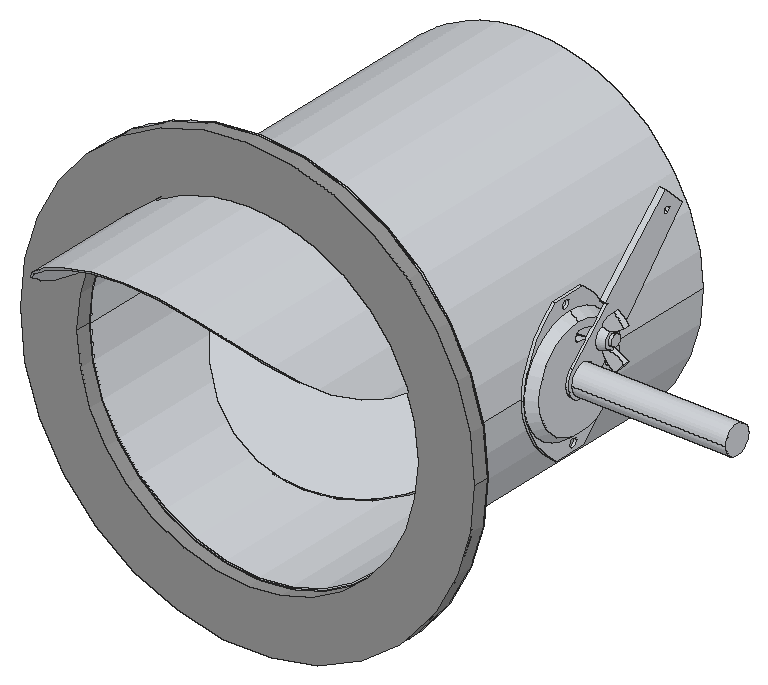
Revit family "ST-4", category Mechanical Equipment, Revit 2015
Parameters
  URL = "https://unitedenertech.com/catalog/pdf/J_7%20Model%20ST-1,%202,%203,%204.pdf"
  Type Comments = "Consult Factory for Max. Sizes"
  OD Radius [instance] = Diameter / 2  # 0' - 3"
  Model = "ST-4"
  Manufacturer = "United Enertech Corporation"
  ID Radius [instance] = OD Radius - 0' 0 1/32"  # 0' - 2 31/32"
  Flange Radius [instance] = OD Radius + 0' 1"  # 0' - 4"
  Description = "Sticktite Take-off with Damper and Scoop"
  Diameter = 0' - 6"
  Blade Radius [instance] = ID Radius - 0' 0 1/8"  # 0' - 2 27/32"
  Length = 0' - 6"
Reference planes (in)
  plane 1 "Center (Front/Back)": y = 0
  plane 2: z = 0
  plane 3 "Center (Left/Right)": x = 0
  plane 4: x = -3
  plane 5: x = 3
  plane 6: x = -4
  plane 7: x = 4
  plane 8: x = -2.97
  plane 9: x = 2.97
  plane 10: x = -3.25
  plane 11: x = 6
  plane 12: y = -3
  plane 13: y = 3
  plane 14: y = -2.97
  plane 15: y = -3.25
  plane 16: y = -6
  plane 17: z = 3
  plane 18: z = -3
  plane 19: z = 1
Forms (in)
  Extrusion 1, solid
    sketch origin (0, -1.27212, 1.25797) x (1, 0, 0) y (0, 0.707107, 0.707107)
      loop
        circle (0, 0) r 2.84375
    from -1.79904 to -1.75904
  Extrusion 2, solid
    sketch origin (0, 0, 0) x (1, 0, 0) y (0, 0, 1)
      loop
        circle (0, 0) r 3
      loop
        circle (0, 0) r 2.96875
    from -3 to 6
  Extrusion 3, solid
    sketch origin (0, 0, 0) x (1, 0, 0) y (0, 0, 1)
      loop
        circle (0, 0) r 4
      loop
        circle (0, 0) r 3
    from 2.97 to 3
  Extrusion 4, solid, material "Rubber, Silicone"
    sketch origin (0, 0, 0) x (1, 0, 0) y (0, 0, 1)
      loop
        circle (0, 0) r 4
      loop
        circle (0, 0) r 3
    from 3 to 3.25
  Extrusion 5, solid
    sketch origin (0, 0, 0) x (0, 1, 0) y (0, 0, 1)
      loop
        circle (0, 0) r 0.25
    from -4 to 6
  Extrusion 6, void
    sketch origin (0, 0, 0) x (0, 1, 0) y (0, 0, 1)
      loop
        line (-6, -3) -> (-3, -3) -> (-3, 1)
        arc (-3, 1) -> (-4.75425, 1.61863) -> (-6, 3) r 3.77451
        line (-6, 3) -> (-6, -3)
    from -4 to 4
Cuts and joins
  Extrusion 6 cuts Extrusion 2
  Extrusion 6 cuts Extrusion 3
Dimensions and locks (in)
  equal spacing: plane 4, plane 3 "Center (Left/Right)", plane 5
  "Diameter": plane 4 to plane 5
  plane 6 to plane 4 = 0' - 1"
  plane 5 to plane 7 = 0' - 1"
  locked: plane 4 to plane 8 at 0.03
  locked: plane 9 to plane 5 at 0.03
  locked: plane 10 to plane 4 at 0.25
  locked: plane 5 to plane 11 at 3
  equal spacing: plane 13, plane 1 "Center (Front/Back)", plane 12
  "Length": plane 13 to plane 12
  locked: plane 14 to plane 12 at 0.03
  locked: plane 12 to plane 15 at 0.25
  locked: plane 12 to plane 16 at 3
  equal spacing: plane 17, level, plane 18
  "Diameter": plane 17 to plane 18
  locked: plane 17 to plane 19 at 2
  "Blade Radius": radius of Extrusion 1 sketch curve
  "ID Radius": radius of Extrusion 2 sketch curve
  "OD Radius": radius of Extrusion 2 sketch curve
  "OD Radius": radius of Extrusion 3 sketch curve
  "Flange Radius": radius of Extrusion 3 sketch curve
  "OD Radius": radius of Extrusion 4 sketch curve
  "Flange Radius": radius of Extrusion 4 sketch curve
  aligned and locked: level to plane 2
  aligned and locked: nested 1 to plane 5
  aligned and locked: Extrusion 2 to plane 13
  aligned and locked: plane 14 to Extrusion 3
  aligned and locked: Extrusion 3 to plane 12
  aligned and locked: plane 12 to Extrusion 4
  aligned and locked: Extrusion 4 to plane 15
  aligned and locked: Extrusion 5 to plane 6
  aligned and locked: Extrusion 5 to plane 11
  aligned and locked: Extrusion 2 to plane 16
  aligned and locked: Extrusion 6 sketch curve to plane 12
  aligned and locked: plane 18 to Extrusion 6 sketch curve
  aligned and locked: Extrusion 6 sketch curve to plane 16
  aligned and locked: plane 19 to Extrusion 6 sketch curve
  aligned and locked: plane 17 to Extrusion 6 sketch curve
  aligned and locked: Extrusion 6 to plane 6
  aligned and locked: plane 7 to Extrusion 6
Automatic sketch dimensions
  Extrusion 5 sketch curve to level = 0' - 0"
  Extrusion 5 sketch curve to plane 1 "Center (Front/Back)" = 0' - 0"
  plane 14 to Extrusion 6 sketch curve = 0' - 0.30947"
  Extrusion 1 sketch curve to plane 3 "Center (Left/Right)" = 0' - 0"
  Extrusion 2 sketch curve to Extrusion 2 sketch curve = 0' - 0"  (x2)
  Extrusion 2 sketch curve to level = 0' - 0"
  Extrusion 2 sketch curve to plane 3 "Center (Left/Right)" = 0' - 0"
  Extrusion 3 sketch curve to Extrusion 3 sketch curve = 0' - 0"  (x2)
  Extrusion 3 sketch curve to level = 0' - 0"
  Extrusion 3 sketch curve to plane 3 "Center (Left/Right)" = 0' - 0"
  Extrusion 4 sketch curve to Extrusion 4 sketch curve = 0' - 0"  (x2)
  Extrusion 4 sketch curve to level = 0' - 0"
  Extrusion 4 sketch curve to plane 3 "Center (Left/Right)" = 0' - 0"
  radius of Extrusion 5 sketch curve = 0' - 0 1/4"
Nested families (in)
  nested 1: "Quad" at (4.25656, -7.64571, -5.45183) x (0, 1, 0) z (0, 0, 1), type "Quad"
Definition of nested family "Quad"
  Reference planes (in)
    plane 1 "Center (Front/Back)": y = 0
    plane 2: z = 0
    plane 3 "Center (Left/Right)": x = 0
    plane 4: y = 1.34656
  Forms (in)
    Extrusion 1, solid
      sketch origin (14.15142, 0, -2.31695) x (0, 0, 1) y (-1, 0, 0)
        loop
          arc (6.51879, 6.20544) -> (7.06849, 5.72098) -> (7.76879, 5.50544) r 1.74192
          arc (7.76879, 5.50544) -> (8.46908, 5.72098) -> (9.01879, 6.20544) r 1.74192
          line (9.01879, 6.20544) -> (9.01879, 6.80544)
          arc (9.01879, 6.80544) -> (8.46908, 7.28989) -> (7.76879, 7.50544) r 1.74192
          arc (7.76879, 7.50544) -> (7.06849, 7.28989) -> (6.51879, 6.80544) r 1.74192
          line (6.51879, 6.80544) -> (6.51879, 6.20544)
      from -1.25656 to -1.20656
    Extrusion 2, void
      sketch origin (14.15142, 0, -2.31695) x (0, 0, 1) y (-1, 0, 0)
        loop
          circle (6.64379, 6.42544) r 0.08
      from -0.9659 to -1.25656
    Extrusion 3, void
      sketch origin (1.14055, 0, 13.22062) x (0, 0, -1) y (1, 0, 0)
        loop
          circle (6.64379, 6.42544) r 0.08
      from -0.9659 to -1.25656
    Blend 4, solid
      base sketch origin (14.15142, 0, -2.31695) x (0, 0, 1) y (-1, 0, 0)
        loop
          circle (7.76879, 6.50544) r 0.875
      top sketch origin (14.15142, 0, -2.31695) x (0, 0, 1) y (-1, 0, 0)
        loop
          circle (7.76879, 6.50544) r 1
      from -1.03156 to -1.20656
    Extrusion 5, void
      sketch origin (14.15142, 0, -2.31695) x (0, 0, 1) y (-1, 0, 0)
        loop
          circle (7.76879, 6.50544) r 0.25
      from -0.81672 to -1.50902
    Extrusion 6, void
      sketch origin (14.15142, 0, -2.31695) x (0, 0, 1) y (-1, 0, 0)
        loop
          arc (7.76879, 5.94684) -> (7.67309, 5.85114) -> (7.76879, 5.75544) r 0.0957
          arc (7.76879, 5.75544) -> (8.29912, 5.9751) -> (8.51879, 6.50544) r 0.75
          arc (8.51879, 6.50544) -> (8.42309, 6.60114) -> (8.32738, 6.50544) r 0.0957
          arc (8.32738, 6.50544) -> (8.16377, 6.11045) -> (7.76879, 5.94684) r 0.55859
      from -1.25656 to -0.89427
    Extrusion 7, solid
      sketch origin (15.76748, 0.56263, 0.663) x (-0.707107, 0, 0.707107) y (-0.707107, 0, -0.707107)
        loop
          line (8.94958, -0.48196) -> (9.31458, -0.48196) -> (9.44425, 2.33115)
          arc (9.44425, 2.33115) -> (9.13208, 2.65804) -> (8.81992, 2.33115) r 0.3125
          line (8.81992, 2.33115) -> (8.94958, -0.48196)
        loop
          circle (9.13208, 2.34554) r 0.25
        loop
          circle (9.13208, 1.69047) r 0.107
        loop
          circle (9.13208, -0.25946) r 0.0625
      from -0.46893 to -0.40893
    Blend 8, solid
      base sketch origin (15.76748, 0.56263, 0.663) x (-0.707107, 0, 0.707107) y (-0.707107, 0, -0.707107)
        loop
          circle (9.13208, 2.34554) r 0.3125
      top sketch origin (15.76748, 0, 0.663) x (-0.707107, 0, 0.707107) y (-0.707107, 0, -0.707107)
        loop
          circle (9.13208, 2.34554) r 0.25
      from -0.46893 to -1.14456
    Blend 9, void
      base sketch origin (15.76748, 0.56263, 0.663) x (-0.707107, 0, 0.707107) y (-0.707107, 0, -0.707107)
        loop
          circle (9.13208, 2.34554) r 0.28943
      top sketch origin (15.76748, 0, 0.663) x (-0.707107, 0, 0.707107) y (-0.707107, 0, -0.707107)
        loop
          circle (9.13208, 2.35367) r 0.21872
      from -0.46893 to -1.12441
    Extrusion 10, void
      sketch origin (15.76748, 0.56263, 0.663) x (-0.707107, 0, 0.707107) y (-0.707107, 0, -0.707107)
        loop
          line (9.25708, 2.22054) -> (9.25708, 2.47054) -> (9.00708, 2.47054) -> (9.00708, 2.22054) -> (9.25708, 2.22054)
      from -0.61124 to -0.37858
    Extrusion 11, solid
      sketch origin (17.73753, 0, 4.56105) x (-0.707107, 0, 0.707107) y (-0.707107, 0, -0.707107)
        loop
          line (7.95129, 3.66741) -> (8.01129, 3.66741) -> (8.09367, 5.45474) -> (8.03367, 5.45474) -> (7.95129, 3.66741)
      from -1.07406 to -0.97156
    Extrusion 12, solid
      sketch origin (6.7508, 0, 15.54777) x (0.707107, 0, -0.707107) y (0.707107, 0, 0.707107)
        loop
          line (7.95129, -3.66741) -> (8.03367, -5.45474) -> (8.09367, -5.45474) -> (8.01129, -3.66741) -> (7.95129, -3.66741)
      from -1.07406 to -0.97156
    Blend 13, solid
      base sketch origin (11.29128, 0, 0.7964) x (0, 0, 1) y (-1, 0, 0)
        loop
          circle (5.12035, 3.18) r 0.19
      top sketch origin (11.29128, 0, 0.7964) x (0, 0, 1) y (-1, 0, 0)
        loop
          circle (5.12035, 3.18) r 0.15
      from -0.97156 to -0.81856
    Extrusion 14, void
      sketch origin (14.15142, 0, -2.31695) x (0, 0, 1) y (-1, 0, 0)
        loop
          circle (8.24197, 6.03664) r 0.107
      from -0.97156 to -0.7798
    Extrusion 15, solid
      sketch origin (14.15142, 0, -2.31695) x (0, 0, 1) y (-1, 0, 0)
        loop
          circle (8.24197, 6.03664) r 0.09231
      from -0.97156 to -0.75995
    Extrusion 16, solid
      sketch origin (14.15142, 0, -2.31695) x (0, 0, 1) y (0, 1, 0)
        loop
          arc (7.9487, 0.58056) -> (8.02609, 0.69395) -> (8.0837, 0.81856) r 0.82896
          line (8.0837, 0.81856) -> (8.0437, 0.97156)
          arc (8.0437, 0.97156) -> (7.89258, 0.88372) -> (7.7647, 0.76456) r 0.78317
          arc (7.7647, 0.76456) -> (7.84616, 0.66201) -> (7.9487, 0.58056) r 0.57513
      from 5.98664 to 6.08664
    Extrusion 17, solid
      sketch origin (14.15142, 0, 14.15045) x (0, 0, -1) y (0, -1, 0)
        loop
          arc (7.9487, -0.58056) -> (7.84616, -0.66201) -> (7.7647, -0.76456) r 0.57513
          arc (7.7647, -0.76456) -> (7.89258, -0.88372) -> (8.0437, -0.97156) r 0.78317
          line (8.0437, -0.97156) -> (8.0837, -0.81856)
          arc (8.0837, -0.81856) -> (8.02609, -0.69395) -> (7.9487, -0.58056) r 0.82896
      from 5.98664 to 6.08664
  Cuts and joins
    Extrusion 2, Extrusion 3, Extrusion 5, Extrusion 6 cuts Extrusion 1
    Extrusion 5, Extrusion 6 cuts Blend 4
    Blend 9, Extrusion 10 cuts Blend 8
    joined: Extrusion 7, Extrusion 11, Extrusion 12
    Extrusion 14 cuts Blend 13
  Dimensions and locks (in)
    aligned and locked: level to plane 2
